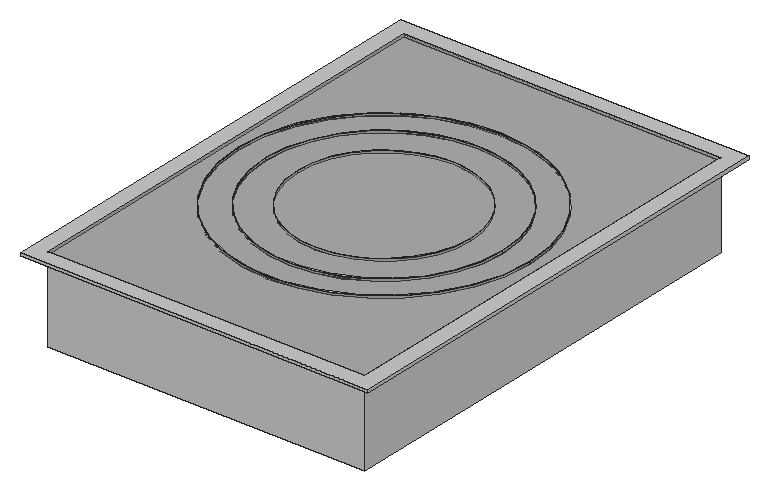
Revit family "VI414613", category Generic Models, Revit 2014
Parameters (values of type "VI414613")
  Width = 380 mm
  URL = "http://www.gaggenau.com."
  Model = "VI414613"
  Manufacturer = "Gaggenau"
  Height = 93 mm
  Unit = Metal Panel
  Glass = Glass, Green
  Description = "Gaggenau 400 Series 15\" Vario Induction Cooktop, Induction Wok, Home Connect"
  Depth = 520 mm
Reference planes
  plane 1 "Center (Front/Back)": y = 0
  plane 2: z = 0
  plane 3 "Center (Left/Right)": x = 0
  plane 4: x = -190
  plane 5: x = 190
  plane 6: y = 260
  plane 7: y = -260
  plane 8: z = 93
  plane 9: z = 90
Forms (mm)
  Extrusion 1, solid, material "Glass, Green" <- "Glass"
    sketch origin (0, 0, 0) x (1, 0, 0) y (0, 1, 0)
      loop
        circle (0, 0) r 160
      loop
        circle (0, 0) r 159.214
      loop
        circle (0, 0) r 130
      loop
        circle (0, 0) r 129.443
      loop
        circle (0, 0) r 95
      loop
        circle (0, 0) r 94.824
      loop
        line (-173, -243) -> (173, -243) -> (173, 243) -> (-173, 243) -> (-173, -243)
    from 90 to 93
  Extrusion 2, solid, material "Metal Panel" <- "Unit"
    sketch origin (0, 0, 0) x (1, 0, 0) y (0, 1, 0)
      loop
        line (-173, 243) -> (-173, -243) -> (173, -243) -> (173, 243) -> (-173, 243)
    from 0 to 90
  Extrusion 3, solid, material "Metal Panel" <- "Unit"
    sketch origin (0, 0, 0) x (1, 0, 0) y (0, 1, 0)
      loop
        line (-190, 260) -> (-190, -260) -> (190, -260) -> (190, 260) -> (-190, 260)
      loop
        line (-173, 243) -> (-173, -243) -> (173, -243) -> (173, 243) -> (-173, 243)
    from 90 to 93
Dimensions and locks
  equal spacing: plane 4, plane 3 "Center (Left/Right)", plane 5
  equal spacing: plane 6, plane 1 "Center (Front/Back)", plane 7
  "Width": plane 4 to plane 5
  "Depth": plane 6 to plane 7
  "Height": plane 8 to plane 2
  plane 8 to plane 9 = 3 mm
  aligned and locked: level to plane 2
Automatic sketch dimensions
  Extrusion 1 sketch curve to Extrusion 1 sketch curve = 0 mm  (x10)
  plane 1 "Center (Front/Back)" to Extrusion 1 sketch curve = 0 mm
  Extrusion 1 sketch curve to plane 3 "Center (Left/Right)" = 0 mm
  plane 4 to Extrusion 2 sketch curve = 17 mm
  plane 5 to Extrusion 2 sketch curve = 17 mm
  Extrusion 2 sketch curve to plane 7 = 17 mm
  Extrusion 2 sketch curve to plane 6 = 17 mm
  Extrusion 3 sketch curve to plane 4 = 0 mm
  Extrusion 3 sketch curve to plane 5 = 0 mm
  plane 7 to Extrusion 3 sketch curve = 0 mm
  Extrusion 3 sketch curve to plane 6 = 0 mm
  plane 4 to Extrusion 3 sketch curve = 17 mm
  plane 5 to Extrusion 3 sketch curve = 17 mm
  Extrusion 3 sketch curve to plane 7 = 17 mm
  Extrusion 3 sketch curve to plane 6 = 17 mm
  plane 4 to Extrusion 1 sketch curve = 17 mm
  Extrusion 1 sketch curve to plane 7 = 17 mm
  plane 5 to Extrusion 1 sketch curve = 17 mm
  Extrusion 1 sketch curve to plane 6 = 17 mm
  radius of Extrusion 1 sketch curve = 160 mm
  radius of Extrusion 1 sketch curve = 159.214 mm
  radius of Extrusion 1 sketch curve = 130 mm
  radius of Extrusion 1 sketch curve = 129.443 mm
  radius of Extrusion 1 sketch curve = 95 mm
  radius of Extrusion 1 sketch curve = 94.824 mm
